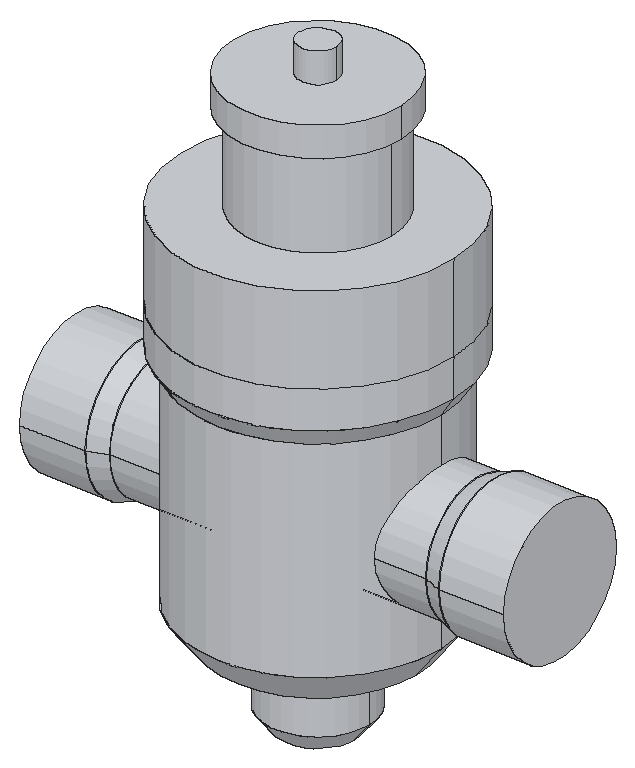
Revit family "VSX11P_DN15_PN16_RFA_2019", category Pipe Accessories, Revit 2019
Family settings
  Round Connector Dimension = Use Diameter
  Part Type = Valve - Breaks Into
  Work Plane-Based = No
  Always vertical = Yes
  Cut with Voids When Loaded = No
  Shared = No
Parameters (values of type "VSX11P G1/2  PN16 kvs0,6")
  magiProductId = ""
  magiProductFamilyId = ""
  magiPartTypeId = 306
  isMeasuringValve [instance] = no
  ang2D [instance] = 0.00°
  Z8 = 4 mm
  Z7__ve = -Z7  # -3.2 mm
  Z7 = 3.2 mm
  Z5 = 9.45 mm
  Z3 = 2 mm
  Z2 = 4.6 mm
  Z1 = 3.45 mm
  X4__ve = -X4  # -7 mm
  X4 = 7 mm
  X3 = 34 mm
  W2D = 15 mm
  VersionID = ""
  Use Minimum Symbol Size [instance] = yes
  URL = "www.hydronix.cz"
  Type Comments = "Závitový, vnější závit, ploché těsnění; LIN charakteristika; PN16; +5~+95°C; max.rychlost proudění 3,0 m/s"
  R9 = 9 mm
  R8 = 2 mm
  R7 = 14.63 mm
  R6 = 10.64 mm
  R5 = 6.703 mm
  R4 = 5.586 mm
  R3 = 3.99 mm
  R2 = 13.3 mm
  R10 = 8 mm
  R1 = 6.75 mm
  QmdConnectorList = "301;D;302;D"
  Productdata [instance] = ""
  Manufacturer = "Hydronix"
  MC Product Code = "VSX11P (G1/2\"; dpmax=250kPa; kvs 0,6)"
  LT2 = 19 mm
  L2D_Min = 3048 mm
  L2D = 38 mm
  H1 = 22.5 mm
  H = 27 mm
  E = 16 mm
  Description = "2 cestný regulační ventil malých spotřebičů, DN15; zdvih 2,5mm; max dp 250kPa; kvs0,6"
  DT2 = 7.5 mm
  D = 15 mm
  CAT0 = yes
  C = 23 mm
Types (8, lengths in mm): name | Z5 | Z2 | Z1 | X3 | R7 | R6 | R5 | R4 | R3 | R2 | R1 | MC Product Code | LT2 | H | Description | DT2 | D | C
  VSX09P G1/2  PN16 kvs0,25 | 9.45 | 4.6 | 3.45 | 34 | 14.63 | 10.64 | 6.703 | 5.586 | 3.99 | 13.3 | 6.75 | "VSX09P (G1/2\"; dpmax=250kPa; kvs 0,25)" | 19 | 27 | "2 cestný regulační ventil malých spotřebičů, DN15; zdvih 2,5mm; max dp 250kPa; kvs0,25" | 7.5 | 15 | 23
  VSX10P G1/2  PN16 kvs0,4 | 9.45 | 4.6 | 3.45 | 34 | 14.63 | 10.64 | 6.703 | 5.586 | 3.99 | 13.3 | 6.75 | "VSX10P (G1/2\"; dpmax=250kPa; kvs 0,4)" | 19 | 27 | "2 cestný regulační ventil malých spotřebičů, DN15; zdvih 2,5mm; max dp 250kPa; kvs0,4" | 7.5 | 15 | 23
  VSX11P G1/2  PN16 kvs0,6 | 9.45 | 4.6 | 3.45 | 34 | 14.63 | 10.64 | 6.703 | 5.586 | 3.99 | 13.3 | 6.75 | "VSX11P (G1/2\"; dpmax=250kPa; kvs 0,6)" | 19 | 27 | "2 cestný regulační ventil malých spotřebičů, DN15; zdvih 2,5mm; max dp 250kPa; kvs0,6" | 7.5 | 15 | 23
  VSX12P G1/2  PN16 kvs1,0 | 9.45 | 4.6 | 3.45 | 34 | 14.63 | 10.64 | 6.703 | 5.586 | 3.99 | 13.3 | 6.75 | "VSX12P (G1/2\"; dpmax=250kPa; kvs 1,0)" | 19 | 27 | "2 cestný regulační ventil malých spotřebičů, DN15; zdvih 2,5mm; max dp 250kPa; kvs1,0" | 7.5 | 15 | 23
  VSX13P G1/2  PN16 kvs1,6 | 9.45 | 4.6 | 3.45 | 34 | 14.63 | 10.64 | 6.703 | 5.586 | 3.99 | 13.3 | 6.75 | "VSX13P (G1/2\"; dpmax=250kPa; kvs 1,6)" | 19 | 27 | "2 cestný regulační ventil malých spotřebičů, DN15; zdvih 2,5mm; max dp 250kPa; kvs1,6" | 7.5 | 15 | 23
  VSX21P G3/4  PN16 kvs2,5 | 9.1 | 4.8 | 3.6 | 38 | 16.17 | 11.76 | 7.409 | 6.174 | 4.41 | 14.7 | 9 | "VSX21P (G3/4\"; dpmax=150kPa; kvs 2,5)" | 21 | 26 | "2 cestný regulační ventil malých spotřebičů, DN20; zdvih 2,5mm; max dp 150kPa; kvs2,5" | 10 | 20 | 24
  VSX24P G3/4  PN16 kvs4,0 | 9.1 | 4.8 | 3.6 | 38 | 16.17 | 11.76 | 7.409 | 6.174 | 4.41 | 14.7 | 9 | "VSX24P (G3/4\"; dpmax=150kPa; kvs 4,0)" | 21 | 26 | "2 cestný regulační ventil malých spotřebičů, DN20; zdvih 2,5mm; max dp 150kPa; kvs4,0" | 10 | 20 | 24
  VSX26P G3/4  PN16 kvs6,0 | 9.1 | 4.8 | 3.6 | 38 | 16.17 | 11.76 | 7.409 | 6.174 | 4.41 | 14.7 | 9 | "VSX26P (G3/4\"; dpmax=150kPa; kvs 6,0)" | 21 | 26 | "2 cestný regulační ventil malých spotřebičů, DN20; zdvih 2,5mm; max dp 150kPa; kvs6,0" | 10 | 20 | 24
Reference planes
  plane 1 "Center (Front/Back)": y = 0
  plane 2 "XYPLANE": z = 0
  plane 3 "Center (Left/Right)": x = 0
  plane 4 "271": z = 36.6
  plane 5 "254": z = 11.55
  plane 6 "253": z = 17.55
  plane 7 "148": z = 39.8
  plane 8 "132": z = 43
  plane 9 "62": z = 13.55
  plane 10 "53": z = 27
  plane 11 "52": z = -10.95
  plane 12 "48": z = -14.4
  plane 13 "47": z = -16.4
  plane 14 "38": z = -21
  plane 15 "37": x = 17
  plane 16 "36": x = 19
  plane 17 "23": z = -23
  plane 18 "19": x = -17
  plane 19 "15": x = -19
  plane 20 "6": x = 26
  plane 21 "5": x = -26
  plane 22 "3": z = 0
  plane 23 "2": y = 0
  plane 24 "1": x = 0
Forms (mm)
  Extrusion 1, solid, visible <- "CAT0"
    sketch origin (-750, 0, 43) x (1, 0, 0) y (0, 1, 0)
      loop
        circle (750, 0) r 2
    from 0 to -3.2 <- "Z7__ve"
  Extrusion 2, solid, visible <- "CAT0"
    sketch origin (-750, 0, 36.6) x (1, 0, 0) y (0, 1, 0)
      loop
        circle (750, 0) r 8
    from 0 to -19
  Extrusion 3, solid, visible <- "CAT0"
    sketch origin (-17, -750, 0) x (0, 1, 0) y (0, 0, 1)
      loop
        circle (750, 0) r 6.75
    from 0 to 34 <- "X3"
  Extrusion 4, solid
    sketch origin (-750, 0, 13.55) x (1, 0, 0) y (0, 1, 0)
      loop
        circle (750, 0) r 14.63
    from 0 to 4 <- "Z8"
  Extrusion 5, solid
    sketch origin (-750, 0, 39.8) x (1, 0, 0) y (0, 1, 0)
      loop
        circle (750, 0) r 9
    from 0 to -3.2 <- "Z7__ve"
  Extrusion 6, solid
    sketch origin (-750, 0, 17.55) x (1, 0, 0) y (0, 1, 0)
      loop
        circle (750, 0) r 14.63
    from 0 to 9.45 <- "Z5"
  Blend 7, solid
    base sketch origin (-750, 0, 11.55) x (1, 0, 0) y (0, 1, 0)
      loop
        circle (750, 0) r 13.3
    top sketch origin (-750, 0, 11.55) x (1, 0, 0) y (0, 1, 0)
      loop
        circle (750, 0) r 14.63
    from 0 to 2
  Blend 8, solid
    base sketch origin (-750, 0, -10.95) x (1, 0, 0) y (0, 1, 0)
      loop
        circle (750, 0) r 13.3
    top sketch origin (-750, 0, -10.95) x (1, 0, 0) y (0, 1, 0)
      loop
        circle (750, 0) r 10.64
    from 0 to -3.45
  Blend 9, solid
    base sketch origin (-750, 0, -14.4) x (1, 0, 0) y (0, 1, 0)
      loop
        circle (750, 0) r 6.703
    top sketch origin (-750, 0, -14.4) x (1, 0, 0) y (0, 1, 0)
      loop
        circle (750, 0) r 5.586
    from 0 to -2
  Extrusion 10, solid
    sketch origin (-750, 0, -21) x (1, 0, 0) y (0, 1, 0)
      loop
        circle (750, 0) r 5.586
    from 0 to 4.6 <- "Z2"
  Blend 11, solid
    base sketch origin (-750, 0, -23) x (1, 0, 0) y (0, 1, 0)
      loop
        circle (750, 0) r 3.99
    top sketch origin (-750, 0, -23) x (1, 0, 0) y (0, 1, 0)
      loop
        circle (750, 0) r 5.586
    from 0 to 2
  Extrusion 12, solid
    sketch origin (26, -750, 0) x (0, 1, 0) y (0, 0, 1)
      loop
        circle (750, 0) r 7.5
    from 0 to -7 <- "X4__ve"
  Blend 13, solid
    base sketch origin (19, -750, 0) x (0, 1, 0) y (0, 0, 1)
      loop
        circle (750, 0) r 7.5
    top sketch origin (19, -750, 0) x (0, 1, 0) y (0, 0, 1)
      loop
        circle (750, 0) r 6.75
    from 0 to -2
  Extrusion 14, solid
    sketch origin (-750, 0, -10.95) x (1, 0, 0) y (0, 1, 0)
      loop
        circle (750, 0) r 13.3
    from 0 to 22.5 <- "H1"
  Blend 15, solid
    base sketch origin (-19, -750, 0) x (0, 1, 0) y (0, 0, 1)
      loop
        circle (750, 0) r 7.5
    top sketch origin (-19, -750, 0) x (0, 1, 0) y (0, 0, 1)
      loop
        circle (750, 0) r 6.75
    from 0 to 2
  Extrusion 16, solid
    sketch origin (-26, -750, 0) x (0, 1, 0) y (0, 0, 1)
      loop
        circle (750, 0) r 7.5
    from 0 to 7 <- "X4"
  Extrusion 17, solid, not visible
    sketch origin (19, -750, 0) x (0, 1, 0) y (0, 0, 1)
      loop
        circle (750, 0) r 10
    from 0 to -10
  Extrusion 18, solid, not visible
    sketch origin (-19, -750, 0) x (0, 1, 0) y (0, 0, 1)
      loop
        circle (750, 0) r 10
    from 0 to 10
Lines and regions (mm)
  reference lines, not visible
    curve 1: circle (2, 2, 0) r 1 normal (0, 0, 1)
Dimensions and locks
  plane 1 "Center (Front/Back)" to curve 1 = 2 mm
  "Z7": plane 7 "148" to plane 4 "271"
  "Z3": plane 9 "62" to plane 5 "254"
  "Z5": plane 10 "53" to plane 6 "253"
  "Z7": plane 8 "132" to plane 7 "148"
  "E": plane 10 "53" to plane 8 "132"
  "Z8": plane 6 "253" to plane 9 "62"
  "H": plane 2 "XYPLANE" to plane 10 "53"
  "Z1": plane 12 "48" to plane 11 "52"
  "Z3": plane 13 "47" to plane 12 "48"
  "Z2": plane 14 "38" to plane 13 "47"
  "Z3": plane 17 "23" to plane 14 "38"
  locked: plane 16 "36" to plane 15 "37" at 2
  "LT2": plane 3 "Center (Left/Right)" to plane 16 "36"
  "C": plane 2 "XYPLANE" to plane 17 "23"
  locked: plane 19 "15" to plane 18 "19" at 2
  "LT2": plane 3 "Center (Left/Right)" to plane 19 "15"
  "X4": plane 16 "36" to plane 20 "6"
  "X4": plane 19 "15" to plane 21 "5"
  locked: plane 2 "XYPLANE" to plane 22 "3"
  locked: plane 1 "Center (Front/Back)" to plane 23 "2"
  locked: plane 3 "Center (Left/Right)" to plane 24 "1"
  "R8": radius of Extrusion 1 sketch curve
  "R10": radius of Extrusion 2 sketch curve
  "R1": radius of Extrusion 3 sketch curve
  "R7": radius of Extrusion 4 sketch curve
  "R9": radius of Extrusion 5 sketch curve
  "R7": radius of Extrusion 6 sketch curve
  "R7": radius of Blend 7 sketch curve
  "R2": radius of Blend 7 sketch curve
  "R6": radius of Blend 8 sketch curve
  "R2": radius of Blend 8 sketch curve
  "R4": radius of Blend 9 sketch curve
  "R5": radius of Blend 9 sketch curve
  "R4": radius of Extrusion 10 sketch curve
  "R4": radius of Blend 11 sketch curve
  "R3": radius of Blend 11 sketch curve
  "DT2": radius of Extrusion 12 sketch curve
  "R1": radius of Blend 13 sketch curve
  "DT2": radius of Blend 13 sketch curve
  "R2": radius of Extrusion 14 sketch curve
  "R1": radius of Blend 15 sketch curve
  "DT2": radius of Blend 15 sketch curve
  "DT2": radius of Extrusion 16 sketch curve
  aligned and locked: level to plane 2 "XYPLANE"
  aligned and locked: plane 23 "2" to Extrusion 1 sketch curve
  aligned and locked: plane 24 "1" to Extrusion 1 sketch curve
  aligned and locked: plane 23 "2" to Extrusion 2 sketch curve
  aligned and locked: plane 24 "1" to Extrusion 2 sketch curve
  aligned and locked: plane 22 "3" to Extrusion 3 sketch curve
  aligned and locked: Extrusion 3 sketch curve to plane 23 "2"
  aligned and locked: plane 23 "2" to Extrusion 4 sketch curve
  aligned and locked: plane 24 "1" to Extrusion 4 sketch curve
  aligned and locked: plane 23 "2" to Extrusion 5 sketch curve
  aligned and locked: plane 24 "1" to Extrusion 5 sketch curve
  aligned and locked: plane 23 "2" to Extrusion 6 sketch curve
  aligned and locked: plane 24 "1" to Extrusion 6 sketch curve
  aligned and locked: plane 23 "2" to Blend 7 sketch curve  (x2)
  aligned and locked: plane 24 "1" to Blend 7 sketch curve  (x2)
  aligned and locked: plane 9 "62" to Blend 7
  aligned and locked: plane 23 "2" to Blend 8 sketch curve  (x2)
  aligned and locked: plane 24 "1" to Blend 8 sketch curve  (x2)
  aligned and locked: Blend 8 to plane 12 "48"
  aligned and locked: plane 23 "2" to Blend 9 sketch curve  (x2)
  aligned and locked: plane 24 "1" to Blend 9 sketch curve  (x2)
  aligned and locked: Blend 9 to plane 13 "47"
  aligned and locked: plane 23 "2" to Extrusion 10 sketch curve
  aligned and locked: plane 24 "1" to Extrusion 10 sketch curve
  aligned and locked: plane 23 "2" to Blend 11 sketch curve  (x2)
  aligned and locked: plane 24 "1" to Blend 11 sketch curve  (x2)
  aligned and locked: plane 14 "38" to Blend 11
  aligned and locked: plane 22 "3" to Extrusion 12 sketch curve
  aligned and locked: Extrusion 12 sketch curve to plane 23 "2"
  aligned and locked: plane 22 "3" to Blend 13 sketch curve  (x2)
  aligned and locked: Blend 13 sketch curve to plane 23 "2"  (x2)
  aligned and locked: Blend 13 to plane 15 "37"
  aligned and locked: plane 23 "2" to Extrusion 14 sketch curve
  aligned and locked: plane 24 "1" to Extrusion 14 sketch curve
  aligned and locked: plane 22 "3" to Blend 15 sketch curve  (x2)
  aligned and locked: Blend 15 sketch curve to plane 23 "2"  (x2)
  aligned and locked: plane 18 "19" to Blend 15
  aligned and locked: plane 22 "3" to Extrusion 16 sketch curve
  aligned and locked: Extrusion 16 sketch curve to plane 23 "2"
  aligned and locked: plane 22 "3" to Extrusion 17 sketch curve
  aligned and locked: Extrusion 17 sketch curve to plane 23 "2"
  aligned and locked: plane 22 "3" to Extrusion 18 sketch curve
  aligned and locked: Extrusion 18 sketch curve to plane 23 "2"
Automatic sketch dimensions
  plane 1 "Center (Front/Back)" to Extrusion 17 sketch curve = 10 mm
  plane 1 "Center (Front/Back)" to Extrusion 18 sketch curve = 10 mm
  plane 3 "Center (Left/Right)" to curve 1 = 2 mm
  radius of curve 1 = 1 mm
Connectors
  piping at (-19, 0, 0), diameter 15, driven by "D"
    settings: on Extrusion 18, index 1, connector inside diameter 609.6 mm, connector length 0 mm, flow factor 0, pipe flow 0.0 L/s, pressure drop 0.0 Pa, fitting loss kfactor 0, connector angle 0.00°, fixture units 0, engagement length 0 mm, angle of deflection 0.00°, flow configuration 0, flow direction 0, fitting loss method 0, system type 29, joint type 0, gender type 0, connector reference index 2, connector utility 0, adjustable connector no, is connector primary yes, connector description ""
  piping at (19, 0, 0), diameter 15, driven by "D"
    settings: on Extrusion 17, index 2, connector inside diameter 609.6 mm, connector length 0 mm, flow factor 0, pipe flow 0.0 L/s, pressure drop 0.0 Pa, fitting loss kfactor 0, connector angle 0.00°, fixture units 0, engagement length 0 mm, angle of deflection 0.00°, flow configuration 0, flow direction 0, fitting loss method 0, system type 29, joint type 0, gender type 0, connector reference index 1, connector utility 0, adjustable connector no, is connector primary no, connector description ""
